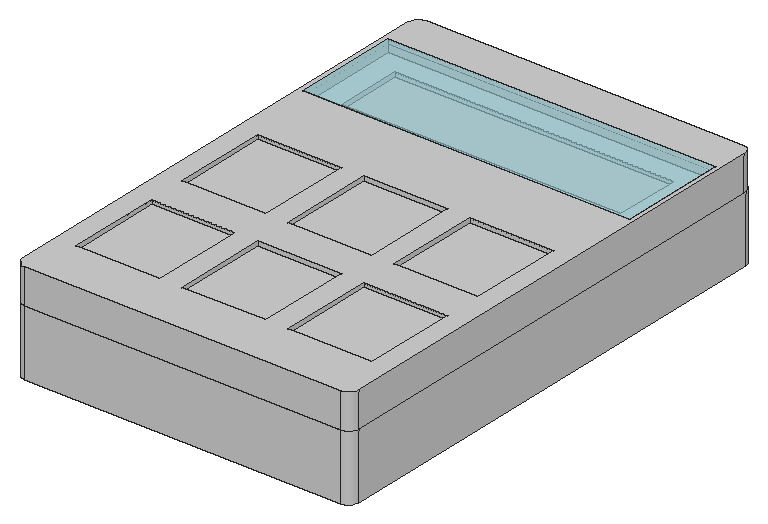
Revit family "Building-IEC309Boards-GEWISS-68QDIN-DISTRIBUTION-BOARD-14MOD_6SOCKET-OUTLETS", category Apparecchi elettrici, host Superficie, Revit 2019
Family settings
  Host = Superficie
  Mantenere orientamento annotazione = Sì
  Quota connettore circolare = Usa diametro
  Tipo di parte = Normale
  Taglio con vuoti quando caricato = No
  Condiviso = No
  Punto di calcolo locali = Sì
Parameters (values of type "GW68008N - Q-DIN 14M 6 FLANGES S.O.16/32A IP65")
  visibilita posizionamento 2d [instance] = yes
  simbolo 2d [instance] = yes
  oggetto in pianta [instance] = not(visibilita posizionamento 2d)  # no
  distanza_simbolo [instance] = 0.1 mm
  bordo acceso [instance] = yes
  Visibilità sportello [instance] = yes
  Version type = "Empty"
  Version file RFA = "21.5"
  VETRO = Vetro
  URL = "https://www.gewiss.com/ww/en"
  Thermo-pressure with ball = "70 °C"
  Technical sheet = "https://www.gewiss.com/ww/en/search?q=GW68008N"
  Spostamento_effettivo_S [instance] = 4000 mm - Spostamento_S  # 3000 mm
  Spostamento_S = 1000 mm
  Simbolo_quadro [instance] = not(simbolo 2d)  # no
  Shock resistance = "IK08"
  STRUTTURA ALTA = Poche
  STRUTTURA = RAL - 7035
  SEO = "Board"
  Realized by GEWISS S.p.A. = ""
  Default Elevation = 1219.2 mm
  Produttore = "GEWISS S.p.A."
  PRESA = rosso
  POMELLO = bianco
  Operating temperature: = "-25 +40 °C"
  No. of provided blank lids = "2 IEC 16/32A"
  No. of modules EN 50022 = "14"
  Modello = "GW68008N"
  Insulation class = "II"
  Installation type = "Surface-mounting"
  Immagine tipo = GW68008N.jpg
  IP degree = "IP65"
  IDT = "cecb3bd3-e102-49fc-acd3-cb7b24533741"
  IDF = "9b655afc-3a9b-4322-ac88-5a8dda757134"
  Houseable socket = "6 IEC 309 16/32A IP44/67"
  Glow Wire Test = "650°C"
  Electrocod = "2242"
  EAN code = "8011564744790"
  Dispersible power B (W) = "64"
  Dispersible power A (W) = "24"
  Descrizione = "Q-DIN 14M 6 FLANGES S.O.16/32A IP65"
  Colour = "Grey RAL 7035"
  Catalogue Range = "68 QDIN"
  Catalogue = "BUILDING"
  COBie.Tagnumber = ""
  COBie.CreatedOn = ""
  COBie.CreatebBy = ""
  COBie.ComponentRegisterItemID = ""
  COBie.Component.TagNumber = ""
  COBie.Component.Space = ""
  COBie.Component.SerialNumber = ""
  COBie.Component.InstallationDate = ""
  COBie.Component.Description = ""
  COBie.Component.BarCode = ""
  Accordance with Standards = "EN 60208 - EN 60670-1 - IEC 60670-24"
Reference planes
  plane 1 "Centro (Fronte/Retro)": y = 0
  plane 2: z = 0
  plane 3 "Centro (Sinistra/Destra)": x = 0
  plane 4: x = -3000
  plane 5: x = 0
Forms (mm)
  Extrusion 1, solid, detail levels coarse
    sketch origin (0, 0, 0) x (1, 0, 0) y (0, 1, 0)
      loop
        line (-160, 0) -> (160, 0) -> (160, 478) -> (-160, 478) -> (-160, 0)
    from 0 to 96
Lines and regions (mm)
  Masking region 1, visible <- "visibilita posizionamento 2d"
    outline origin (0, 0, 0) x (1, 0, 0) y (0, 0, 1)
      loop
        line (-160, 0) -> (160, 0) -> (160, 96) -> (-160, 96) -> (-160, 0)
Dimensions and locks
  plane 4 to plane 3 "Centro (Sinistra/Destra)" = 3000 mm
  "Spostamento_effettivo_S": plane 4 to plane 5
  aligned and locked: plane 2 to host face
  aligned and locked: level to host face
  aligned and locked: nested 1 to plane 5
  aligned and locked: nested 3 to plane 5
  aligned and locked: nested 2 to plane 5
  aligned and locked: plane 1 "Centro (Fronte/Retro)" to nested 2
  aligned and locked: Extrusion 1 sketch curve to nested 2  (x4)
  aligned and locked: Extrusion 1 to nested 2
Automatic sketch dimensions
  host sketch curve to host sketch curve = 2438.4 mm  (x2)
  Masking region 1 sketch curve to level = 0 mm
  Masking region 1 sketch curve to plane 3 "Centro (Sinistra/Destra)" = 160 mm
  plane 3 "Centro (Sinistra/Destra)" to Masking region 1 sketch curve = 160 mm
  Masking region 1 sketch curve to Masking region 1 sketch curve = 96 mm
Nested families
  nested 1: "CENTRALINO" at (0, 737.795, 0), BORDO ACCESO <- "bordo acceso", SIMBOLO ACCESO <- "simbolo 2d", Distanza dal muro <- "distanza_simbolo", visible <- "simbolo 2d", type "CENTRALINO"
    with SIMBOLO ACCESO yes, Distanza dal muro 0.1 mm, BORDO ACCESO yes
  nested 2: "68QDIN14 QUADRO DISTRIBUZ X 6 PRESE IND_BASE" at (0, 316, 0), Visibilita sportello <- "Visibilità sportello", type "68QDIN14 QUADRO DISTRIBUZ X 6 PRESE IND_BASE", detail levels medium+fine
  nested 3: "simb_CENTRALINO_BASE_cad pro" at (0, 737.795, 0), Distanza dal muro <- "distanza_simbolo", visible <- "Simbolo_quadro", SIMBOLO ACCESO <- "Simbolo_quadro", type "simb_CENTRALINO_BASE_cad pro"
    with SIMBOLO ACCESO no, Distanza dal muro 0.1 mm, BORDO ACCESO yes
Definition of nested family "68QDIN14 QUADRO DISTRIBUZ X 6 PRESE IND_BASE"
  Parameters (values of type "68QDIN14 QUADRO DISTRIBUZ X 6 PRESE IND_BASE")
    n_moduli = 105 mm
    h_moduli = 64 mm
    Visibilita sportello [instance] = yes
    Vetro = none
    Struttura = none
    Spessore = 96 mm
    Default Elevation = 14 mm
    Presa = none
    Larghezza = 320 mm
    IFC.TypeObject = ""
    IFC.ExportType = ""
    IFC.ExportAs = ""
    H_da terra = 589.057 mm
    COBie.CreatedOn = ""
    COBie.CreatebBy = ""
    COBie.ComponentRegisterItemID = ""
    COBie.Component.TagNumber = ""
    COBie.Component.Space = ""
    COBie.Component.SerialNumber = ""
    COBie.Component.InstallationDate = ""
    COBie.Component.Description = ""
    COBie.Component.BarCode = ""
    Altezza scatole = 350 mm
    Altezza quadro = 150 mm
    Altezza = 258 mm
  Reference planes
    plane 1 "Centro (Fronte/Retro)": y = 0
    plane 2: z = 0
    plane 3 "Centro (Sinistra/Destra)": x = 0
    plane 4: z = 69.589
    plane 5: z = 115.626
    plane 6: z = 63
    plane 7: x = -160
    plane 8: x = 160
    plane 9: x = -156
    plane 10: x = 156
    plane 11: y = 123.21
    plane 12: y = 21.246
    plane 13: y = 0
    plane 14: y = -141
    plane 15: y = -51
    plane 16: y = -316
    plane 17: y = 162
    plane 18: z = 58
    plane 19: y = 103
    plane 20: y = 39
    plane 21: x = -52.5
    plane 22: x = 52.5
    plane 23: z = 92.059
    plane 24: z = 96
    plane 25 "posizionamento moduli": z = 84.734
    plane 26: z = 80.558
    plane 27: y = 71
    plane 28: x = -141
    plane 29: x = 158.1
    plane 30: x = -61
    plane 31: x = -40
    plane 32: x = 40
    plane 33: x = 61
    plane 34: x = 141
    plane 35: y = -177
  Forms (mm)
    Extrusion 1, solid, material <- "Struttura"
      sketch origin (0, -857.311, 0) x (1, 0, 0) y (0, 1, 0)
        loop
          arc (-150, 1019.311) -> (-157.071, 1016.382) -> (-160, 1009.311) r 10
          line (-160, 1009.311) -> (-160, 551.311)
          arc (-160, 551.311) -> (-157.071, 544.24) -> (-150, 541.311) r 10
          line (-150, 541.311) -> (150, 541.311)
          arc (150, 541.311) -> (157.071, 544.24) -> (160, 551.311) r 10
          line (160, 551.311) -> (160, 1009.311)
          arc (160, 1009.311) -> (157.071, 1016.382) -> (150, 1019.311) r 10
          line (150, 1019.311) -> (-150, 1019.311)
      from 63 to 96
    Extrusion 2, solid, material <- "Struttura"
      sketch origin (0, -857.311, 0) x (1, 0, 0) y (0, 1, 0)
        loop
          line (152.45, 1019.311) -> (-156.38, 1019.311)
          arc (-156.38, 1019.311) -> (-158.94, 1018.251) -> (-160, 1015.691) r 3.62
          line (-160, 1015.691) -> (-160, 551.311)
          arc (-160, 551.311) -> (-157.071, 544.24) -> (-150, 541.311) r 10
          line (-150, 541.311) -> (150, 541.311)
          arc (150, 541.311) -> (157.071, 544.24) -> (160, 551.311) r 10
          line (160, 551.311) -> (160, 1011.76)
          arc (160, 1011.76) -> (157.789, 1017.099) -> (152.45, 1019.311) r 7.55
      from 0 to 63
    Extrusion 3, void
      sketch origin (0, -857.311, 0) x (1, 0, 0) y (0, 1, 0)
        loop
          line (-156, 980.52) -> (-156, 878.557) -> (156, 878.557) -> (156, 980.52) -> (-156, 980.52)
      from 69.589 to 96
    Extrusion 4, solid, material <- "Vetro", visible <- "Visibilita sportello", detail levels fine
      sketch origin (0, -857.311, 0) x (1, 0, 0) y (0, 1, 0)
        loop
          line (-156, 980.52) -> (-156, 878.557) -> (156, 878.557) -> (156, 980.52) -> (-156, 980.52)
      from 92.059 to 96
    Extrusion 5, void
      sketch origin (0, 0, 0) x (1, 0, 0) y (0, 1, 0)
        loop
          line (-52.5, 39) -> (52.5, 39) -> (52.5, 103) -> (-52.5, 103) -> (-52.5, 39)
      from 80.558 to 84.734
    Extrusion 6, solid
      sketch origin (0, 0, 0) x (1, 0, 0) y (0, 1, 0)
        loop
          line (-156, 123.21) -> (-156, 21.246) -> (156, 21.246) -> (156, 123.21) -> (-156, 123.21)
      from 80.558 to 84.734
    Extrusion 7, void
      sketch origin (0, 0, 84.734) x (0, -1, 0) y (1, 0, 0)
        loop
          line (51, -141) -> (141, -141) -> (141, -61) -> (51, -61) -> (51, -141)
        loop
          line (141, -40) -> (141, 40) -> (51, 40) -> (51, -40) -> (141, -40)
        loop
          line (51, 61) -> (141, 61) -> (141, 141) -> (51, 141) -> (51, 61)
      from 7.325 to 11.266
    Extrusion 8, void
      sketch origin (0, -126, 84.734) x (0, -1, 0) y (1, 0, 0)
        loop
          line (51, -141) -> (141, -141) -> (141, -61) -> (51, -61) -> (51, -141)
        loop
          line (141, -40) -> (141, 40) -> (51, 40) -> (51, -40) -> (141, -40)
        loop
          line (51, 61) -> (141, 61) -> (141, 141) -> (51, 141) -> (51, 61)
      from 7.325 to 11.266
  Cuts and joins
    Extrusion 3, Extrusion 7, Extrusion 8 cuts Extrusion 1
    Extrusion 5 cuts Extrusion 6
    Extrusion 5 cuts Extrusion 4
  Lines and regions (mm)
    model lines
      curve 1: line (-52.5, 71, 84.734) -> (52.5, 71, 84.734)
  Dimensions and locks
    plane 4 to plane 5 = 46.036 mm
    locked: plane 7 to plane 9 at 4
    locked: plane 10 to plane 8 at 4
    equal spacing: plane 7, plane 3 "Centro (Sinistra/Destra)", plane 8
    "Larghezza": plane 7 to plane 8
    plane 13 to plane 15 = 51 mm
    plane 1 "Centro (Fronte/Retro)" to plane 17 = 162 mm
    plane 16 to plane 13 = 316 mm
    plane 12 to plane 1 "Centro (Fronte/Retro)" = 21.246 mm
    plane 11 to plane 17 = 38.79 mm
    locked: plane 6 to plane 18 at 5
    locked: plane 17 to plane 19 at 59
    "h_moduli": plane 19 to plane 20
    equal spacing: plane 21, plane 3 "Centro (Sinistra/Destra)", plane 22
    "n_moduli": plane 21 to plane 22
    locked: plane 24 to plane 23 at 3.941
    plane 6 to plane 2 = 63 mm
    locked: plane 23 to plane 25 "posizionamento moduli" at 7.325
    locked: plane 25 "posizionamento moduli" to plane 26 at 4.176
    equal spacing: plane 19, plane 27, plane 20
    locked: plane 29 to plane 8 at 1.9
    plane 28 to plane 30 = 80 mm  (x2)
    plane 30 to plane 31 = 21 mm
    plane 33 to plane 34 = 80 mm
    equal spacing: plane 31, plane 3 "Centro (Sinistra/Destra)", plane 32
    plane 31 to plane 3 "Centro (Sinistra/Destra)" = 40 mm
    plane 32 to plane 33 = 21 mm
    plane 15 to plane 14 = 90 mm
    plane 35 to plane 14 = 36 mm
    radius of Extrusion 2 sketch curve = 10 mm  (x2)
    radius of Extrusion 2 sketch curve = 3.62 mm
    radius of Extrusion 2 sketch curve = 7.55 mm
    radius of Extrusion 1 sketch curve = 10 mm  (x4)
    aligned and locked: level to plane 2
    aligned and locked: cut or joined group of Extrusion 1, Extrusion 3, Extrusion 7, Extrusion 8 to plane 4
    aligned and locked: plane 7 to Extrusion 2 sketch curve
    aligned and locked: plane 8 to Extrusion 2 sketch curve
    aligned and locked: plane 8 to Extrusion 1 sketch curve
    aligned and locked: plane 7 to Extrusion 1 sketch curve
    aligned and locked: Extrusion 4 sketch curve to plane 9
    aligned and locked: Extrusion 4 sketch curve to plane 10
    aligned and locked: Extrusion 3 sketch curve to plane 9
    aligned and locked: Extrusion 3 sketch curve to plane 10
    aligned and locked: Extrusion 4 sketch curve to plane 11
    aligned and locked: Extrusion 4 sketch curve to plane 12
    aligned and locked: Extrusion 3 sketch curve to plane 11
    aligned and locked: Extrusion 3 sketch curve to plane 12
    aligned and locked: plane 16 to Extrusion 2 sketch curve
    aligned and locked: plane 1 "Centro (Fronte/Retro)" to plane 13
    aligned and locked: plane 17 to Extrusion 1 sketch curve
    aligned and locked: Extrusion 5 sketch curve to plane 21
    aligned and locked: Extrusion 5 sketch curve to plane 19
    aligned and locked: Extrusion 5 sketch curve to plane 20
    aligned and locked: Extrusion 5 sketch curve to plane 22
    aligned and locked: plane 25 "posizionamento moduli" to Extrusion 5
    aligned and locked: Extrusion 5 to plane 26
    aligned and locked: Extrusion 6 sketch curve to plane 11
    aligned and locked: Extrusion 6 sketch curve to plane 12
    aligned and locked: Extrusion 6 to plane 26
    aligned and locked: plane 25 "posizionamento moduli" to Extrusion 6
    aligned and locked: Extrusion 6 sketch curve to Extrusion 4  (x2)
    aligned and locked: plane 27 to curve 1
    aligned and locked: plane 16 to Extrusion 1 sketch curve
    aligned and locked: Extrusion 2 sketch curve to plane 17
    aligned and locked: Extrusion 7 sketch curve to plane 15
    aligned and locked: Extrusion 7 sketch curve to plane 28
    aligned and locked: Extrusion 7 sketch curve to plane 30
    aligned and locked: Extrusion 7 sketch curve to plane 31
    aligned and locked: Extrusion 7 sketch curve to plane 32
    aligned and locked: Extrusion 7 sketch curve to plane 33
    aligned and locked: Extrusion 7 sketch curve to plane 34
    aligned and locked: Extrusion 1 to Extrusion 7
    aligned and locked: Extrusion 7 to plane 23
    aligned and locked: Extrusion 7 sketch curve to plane 14  (x3)
  Automatic sketch dimensions
    curve 1 to plane 21 = 0 mm
    curve 1 to plane 22 = 0 mm
    plane 15 to Extrusion 7 sketch curve = 0 mm
    Extrusion 7 sketch curve to plane 15 = 0 mm
    Extrusion 8 sketch curve to plane 28 = 0 mm
    Extrusion 8 sketch curve to plane 30 = 0 mm
    Extrusion 8 sketch curve to plane 34 = 0 mm
    Extrusion 8 sketch curve to plane 33 = 0 mm
    Extrusion 8 sketch curve to plane 32 = 0 mm
    Extrusion 8 sketch curve to plane 31 = 0 mm
    Extrusion 8 sketch curve to plane 14 = 36 mm  (x3)
    Extrusion 8 sketch curve to plane 16 = 49 mm
    Extrusion 8 sketch curve to Extrusion 8 sketch curve = 0 mm  (x2)
Definition of nested family "CENTRALINO"
  Parameters (values of type "CENTRALINO")
    SIMBOLO ACCESO [instance] = yes
    Distanza dal muro [instance] = 0 mm
    BORDO ACCESO [instance] = yes
  Reference planes
    plane 1: y = 0
    plane 2: x = 0
  Dimensions and locks
    "Distanza dal muro": plane 1 to nested 1
    aligned and locked: plane 2 to nested 1
  Nested families
    nested 1: "CENTRALINO_BASE" at (0, 0, 0), BORDO ACCESO <- "BORDO ACCESO", visible <- "SIMBOLO ACCESO", type "CENTRALINO"
      with BORDO ACCESO yes
  Definition of nested family "CENTRALINO_BASE"
    Parameters (values of type "CENTRALINO")
      Distanza dal muro = 0 mm
      BORDO ACCESO [instance] = yes
    Reference planes
      plane 1: y = 0
      plane 2: x = 0
    Lines and regions (mm)
      detail lines, visible <- "BORDO ACCESO", not visible
        curve 1: line (-2.443, 10.208, 0) -> (2.057, 10.208, 0)
        curve 2: line (2.057, 10.208, 0) -> (2.057, 4.208, 0)
        curve 3: line (2.057, 4.208, 0) -> (-2.443, 4.208, 0)
        curve 4: line (-2.443, 4.208, 0) -> (-2.443, 10.208, 0)
        curve 5: line (-2.043, 9.808, 0) -> (1.657, 9.808, 0)
        curve 6: line (1.657, 9.808, 0) -> (1.657, 4.608, 0)
        curve 7: line (1.657, 4.608, 0) -> (-2.043, 4.608, 0)
        curve 8: line (-2.043, 4.608, 0) -> (-2.043, 9.808, 0)
      detail lines
        curve 9: line (0, 0.671, 0) -> (0, 0, 0)
        curve 10: line (0.659, 0.671, 0) -> (0.659, 1.33, 0)
        curve 11: line (0.659, 1.33, 0) -> (-0.659, 1.33, 0)
        curve 12: line (-0.659, 1.33, 0) -> (-0.659, 0.671, 0)
        curve 13: line (-0.659, 0.671, 0) -> (0.659, 0.671, 0)
        curve 14: line (0.497, 1.33, 0) -> (0.497, 2, 0)
        curve 15: line (0.167, 1.33, 0) -> (0.167, 2, 0)
        curve 16: line (-0.162, 1.33, 0) -> (-0.162, 2, 0)
        curve 17: line (-0.491, 1.33, 0) -> (-0.491, 2, 0)
Definition of nested family "simb_CENTRALINO_BASE_cad pro"
  Parameters (values of type "simb_CENTRALINO_BASE_cad pro")
    SIMBOLO ACCESO [instance] = yes
    Distanza dal muro [instance] = 0 mm
    BORDO ACCESO [instance] = yes
  Reference planes
    plane 1: y = 0
    plane 2: x = 0
  Dimensions and locks
    "Distanza dal muro": plane 1 to nested 1
    aligned and locked: plane 2 to nested 1
  Nested families
    nested 1: "CENTRALINO_BASE_cad pro" at (0, 0, 0), type "CENTRALINO"
  Definition of nested family "CENTRALINO_BASE_cad pro"
    Parameters (values of type "CENTRALINO")
      Distanza dal muro = 0 mm
    Reference planes
      plane 1: y = 0
      plane 2: x = 0
    Lines and regions (mm)
      detail lines
        curve 1: line (1.33, 1.33, 0) -> (2.109, 1.33, 0)
        curve 2: line (2.109, 1.33, 0) -> (2.109, 0, 0)
        curve 3: line (2.109, 0, 0) -> (1.33, 0, 0)
        curve 4: line (1.33, 0, 0) -> (-1.33, 1.33, 0)
        curve 5: line (-1.33, 1.33, 0) -> (1.33, 1.33, 0)
        curve 6: line (1.33, 1.33, 0) -> (1.33, 0, 0)
        curve 7: line (1.33, 0, 0) -> (-1.33, 0, 0)
        curve 8: line (-1.33, 0, 0) -> (-1.33, 1.33, 0)
        curve 9: line (1.461, 0.665, 0) -> (1.977, 0.665, 0)
        curve 10: line (1.719, 0.665, 0) -> (1.719, 1.01, 0)
        curve 11: arc (1.977, 0.406, 0) -> (1.719, 0.665, 0) -> (1.461, 0.406, 0) r 0.258
